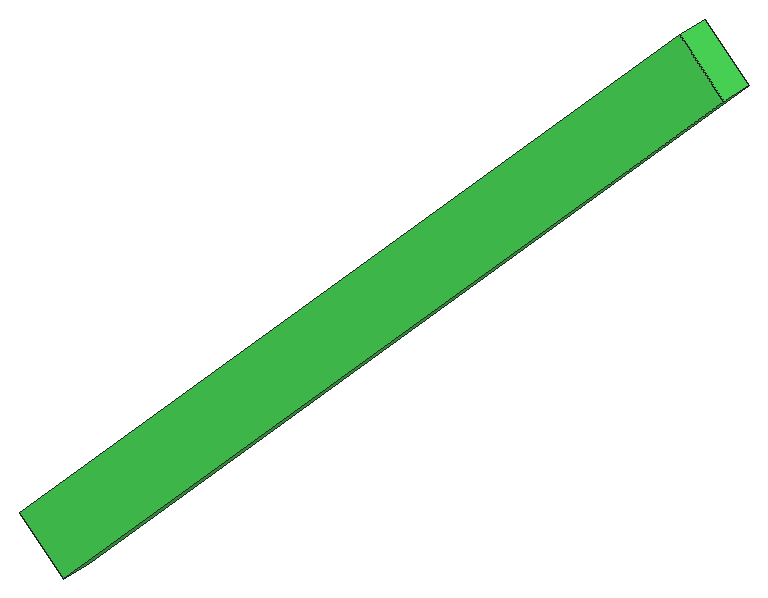
Revit family "機器サポート_H形鋼", category Generic Models, Revit 2023
Family settings
  Can host rebar = No
  Round Connector Dimension = Use Diameter
  Part Type = Normal
  Work Plane-Based = Yes
  Always vertical = No
  Cut with Voids When Loaded = No
  Maintain Annotation Orientation = No
  Shared = No
  Room Calculation Point = No
Parameters (values of type "Ｈ 100 x 50")
  高さ = 100 mm
  長辺 [instance] = 長さ  # 1500 mm
  長さ [instance] = 1500 mm
  部屋名 = ""
  角度 [instance] = 45.00°
  Default Elevation = 1219.2 mm
  構造マテリアル = E003_機器サポート
  幅 = 50 mm
Types (33, lengths in mm): name | 高さ | 長辺 | 長さ | 角度 | 幅
  Ｈ 900 x 300 | 900 | 1000 | 1000 | 45.00° | 300
  Ｈ 800 x 300 | 800 | 1000 | 1000 | 45.00° | 300
  Ｈ 700 x 300 | 700 | 1000 | 1000 | 45.00° | 300
  Ｈ 588 x 300 | 588 | 1000 | 1000 | 45.00° | 300
  Ｈ 600 x 200 | 600 | 1000 | 1000 | 45.00° | 200
  Ｈ 488 x 300 | 488 | 1000 | 1000 | 45.00° | 300
  Ｈ 500 x 200 | 500 | 1000 | 1000 | 45.00° | 200
  Ｈ 440 x 300 | 440 | 1000 | 1000 | 45.00° | 300
  Ｈ 450 x 200 | 450 | 1000 | 1000 | 90.00° | 200
  Ｈ 400 x 400 | 400 | 1000 | 1000 | 45.00° | 400
  Ｈ 390 x 300 | 390 | 1000 | 1000 | 45.00° | 300
  Ｈ 400 x 200 | 400 | 1000 | 1000 | 45.00° | 200
  Ｈ 350 x 350 | 350 | 1000 | 1000 | 45.00° | 350
  Ｈ 340 x 250 | 340 | 1000 | 1000 | 45.00° | 250
  Ｈ 294 x 200 | 294 | 1000 | 1000 | 45.00° | 200
  Ｈ 244 x 175 | 244 | 1000 | 1000 | 45.00° | 175
  Ｈ 350 x 175 | 350 | 1000 | 1000 | 45.00° | 175
  Ｈ 300 x 300 | 300 | 1000 | 1000 | 45.00° | 300
  Ｈ 300 x 150 | 300 | 1000 | 1000 | 45.00° | 150
  Ｈ 250 x 250 | 250 | 1000 | 1000 | 45.00° | 250
  Ｈ 250 x 125 | 250 | 1000 | 1000 | 45.00° | 125
  Ｈ 200 x 200 | 200 | 1000 | 1000 | 45.00° | 200
  Ｈ 194 x 150 | 194 | 1000 | 1000 | 45.00° | 150
  Ｈ 200 x 100 | 200 | 1000 | 1000 | 45.00° | 100
  Ｈ 175 x 175 | 175 | 1000 | 1000 | 45.00° | 175
  Ｈ 175 x 90 | 175 | 1000 | 1000 | 45.00° | 90
  Ｈ 150 x 150 | 150 | 500 | 500 | 45.00° | 150
  Ｈ 148 x 100 | 148 | 1000 | 1000 | 45.00° | 100
  Ｈ 150 x 75 | 150 | 1000 | 1000 | 45.00° | 75
  Ｈ 125 x 125 | 125 | 500 | 500 | 45.00° | 125
  Ｈ 125 x 60 | 125 | 1000 | 1000 | 45.00° | 60
  Ｈ 100 x100 | 100 | 500 | 500 | 45.00° | 100
  Ｈ 100 x 50 | 100 | 1500 | 1500 | 45.00° | 50
Reference planes
  plane 1 "中心(正面/背面)": y = 0
  plane 2: z = 0
  plane 3 "中心(左/右)": x = 0
Lines and regions (mm)
  reference lines
    curve 1: line (0, 0, 0) -> (777.817, 0, 777.817)
    curve 2: line (35.355, 0, -35.355) -> (-35.355, 0, 35.355)
    curve 3: line (1096.016, 0, 1025.305) -> (1025.305, 0, 1096.016)
Dimensions and locks
  equal spacing: curve 2, curve 1, curve 2
  "高さ": curve 2 to curve 2
  equal spacing: curve 3, curve 1, curve 3
  "高さ": curve 3 to curve 3
  "長さ": curve 3 to curve 2
  "角度": angle level to curve 1
  angle curve 2 to curve 1 = 90.00°
  angle curve 3 to curve 1 = 90.00°
  aligned and locked: level to plane 2
  aligned and locked: level to curve 1
  aligned and locked: plane 3 "中心(左/右)" to curve 1
  aligned and locked: nested 1 to curve 1
Nested families
  nested 1: "グレーチング_H形鋼 1" at (-35.355, 0, 35.355) x (0, 1, 0) z (0.7071, 0, -0.7071), 長さ <- "長さ", type "Ｈ 100 x 50"
    with 長辺 1500 mm, 長さ 1500 mm
Definition of nested family "グレーチング_H形鋼 1"
  Parameters (values of type "Ｈ 150 x 150")
    高さ = 150 mm
    長辺 [instance] = 長さ  # 500 mm
    長さ [instance] = 500 mm
    部屋名 = ""
    Default Elevation = 1219.2 mm
    構造マテリアル = none
    幅 = 150 mm
  Types (33, lengths in mm): name | 高さ | 長辺 | 長さ | 幅
    Ｈ 900 x 300 | 900 | 1000 | 1000 | 300
    Ｈ 800 x 300 | 800 | 1000 | 1000 | 300
    Ｈ 700 x 300 | 700 | 1000 | 1000 | 300
    Ｈ 588 x 300 | 588 | 1000 | 1000 | 300
    Ｈ 600 x 200 | 600 | 1000 | 1000 | 200
    Ｈ 488 x 300 | 488 | 1000 | 1000 | 300
    Ｈ 500 x 200 | 500 | 1000 | 1000 | 200
    Ｈ 440 x 300 | 440 | 1000 | 1000 | 300
    Ｈ 450 x 200 | 450 | 1000 | 1000 | 200
    Ｈ 400 x 400 | 400 | 1000 | 1000 | 400
    Ｈ 390 x 300 | 390 | 1000 | 1000 | 300
    Ｈ 400 x 200 | 400 | 1000 | 1000 | 200
    Ｈ 350 x 350 | 350 | 1000 | 1000 | 350
    Ｈ 340 x 250 | 340 | 1000 | 1000 | 250
    Ｈ 294 x 200 | 294 | 1000 | 1000 | 200
    Ｈ 244 x 175 | 244 | 1000 | 1000 | 175
    Ｈ 350 x 175 | 350 | 1000 | 1000 | 175
    Ｈ 300 x 300 | 300 | 1000 | 1000 | 300
    Ｈ 300 x 150 | 300 | 500 | 500 | 150
    Ｈ 250 x 250 | 250 | 500 | 500 | 250
    Ｈ 250 x 125 | 250 | 500 | 500 | 125
    Ｈ 200 x 200 | 200 | 500 | 500 | 200
    Ｈ 194 x 150 | 194 | 500 | 500 | 150
    Ｈ 200 x 100 | 200 | 500 | 500 | 100
    Ｈ 175 x 175 | 175 | 500 | 500 | 175
    Ｈ 175 x 90 | 175 | 500 | 500 | 90
    Ｈ 150 x 150 | 150 | 500 | 500 | 150
    Ｈ 148 x 100 | 148 | 500 | 500 | 100
    Ｈ 150 x 75 | 150 | 500 | 500 | 75
    Ｈ 125 x 125 | 125 | 500 | 500 | 125
    Ｈ 125 x 60 | 125 | 500 | 500 | 60
    Ｈ 100 x100 | 100 | 500 | 500 | 100
    Ｈ 100 x 50 | 100 | 500 | 500 | 50
  Reference planes
    plane 1 "中心(正面/背面)": y = 0
    plane 2: z = 0
    plane 3 "中心(左/右)": x = 0
    plane 4: z = 75
    plane 5: z = 150
  Forms (mm)
    Extrusion 1, solid, material <- "構造マテリアル"
      sketch origin (0, 0, 0) x (1, 0, 0) y (0, 1, 0)
        loop
          line (-75, 500) -> (-75, 0) -> (75, 0) -> (75, 500) -> (-75, 500)
      from 0 to 150
  Lines and regions (mm)
    reference lines
      curve 1: line (75, 500, 0) -> (-75, 500, 0)
      curve 2: line (75, 0, 0) -> (-75, 0, 0)
  Dimensions and locks
    "長さ": curve 1 to curve 2
    "幅": Extrusion 1 to Extrusion 1
    equal spacing: Extrusion 1, plane 3 "中心(左/右)", Extrusion 1
    "幅": curve 1 to curve 1
    equal spacing: curve 1, plane 3 "中心(左/右)", curve 1
    "幅": curve 2 to curve 2
    equal spacing: curve 2, plane 3 "中心(左/右)", curve 2
    equal spacing: plane 5, plane 4, level
    "高さ": plane 5 to level
    aligned and locked: level to plane 2
    aligned and locked: Extrusion 1 to curve 2
    aligned and locked: curve 1 to Extrusion 1
    aligned and locked: plane 5 to Extrusion 1
  Automatic sketch dimensions
    Extrusion 1 sketch curve to plane 3 "中心(左/右)" = 75 mm
    plane 3 "中心(左/右)" to Extrusion 1 sketch curve = 75 mm
    plane 1 "中心(正面/背面)" to Extrusion 1 sketch curve = 0 mm
    Extrusion 1 sketch curve to plane 1 "中心(正面/背面)" = 500 mm
    plane 1 "中心(正面/背面)" to curve 2 = 0 mm
